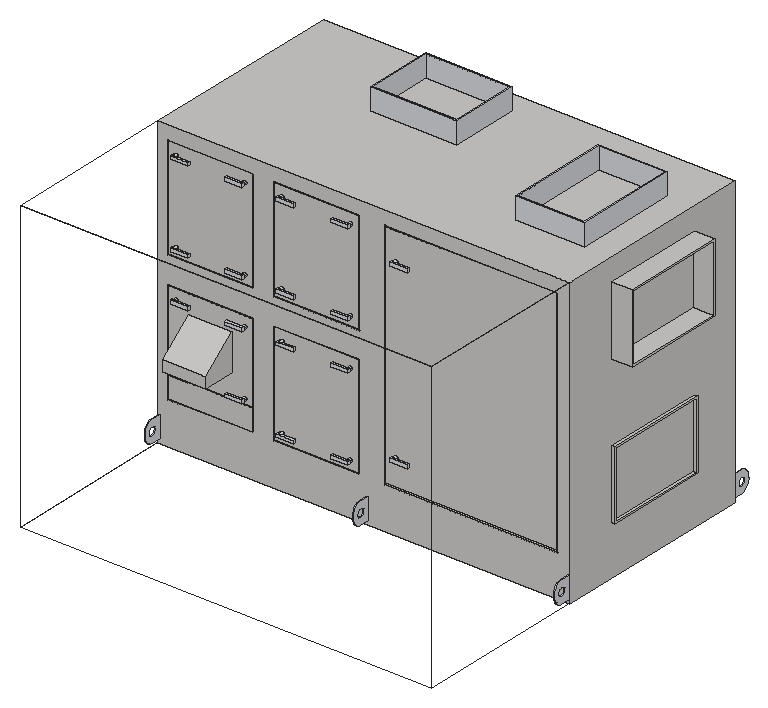
Revit family "DN-2IN-1FP-EH", category Mechanical Equipment, Revit 2016
Family settings
  Part Type = Normal
  Round Connector Dimension = Use Diameter
  OmniClass Number = 23.75.00.00
  OmniClass Title = Climate Control (HVAC)
  Work Plane-Based = No
  Always vertical = Yes
  Cut with Voids When Loaded = No
  Shared = No
  Room Calculation Point = No
Parameters (values of type "2 @ 1.35 kW ea.")
  Voltage [instance] = "200-277 V"
  Unit Weight Range (lbs) [instance] = "1600-1925 lbs."
  Max. Shipping Weight (lbs) [instance] = "1800-2125 lbs."
  Unit Dimensions(L x W x H) [instance] = "101-1/2\" x 60-3/4\" x 71-7/8\""
  Shipping Dimensions (L x W x H) [instance] = "120\" x 90\" x 77\""
  Unit [instance] = Renewaire - Galvanized Steel
  URL = "www.renewaire.com"
  Typical Airflow Range = "375-1,650 CFM"
  Standard Features [instance] = "EC Motors for both airstreams, Direct drive backward inclined plenum, Higher ESP of up to 2\" w.g. at 1,500 CFM, Integrated programmable controls, True 100% face and bypass enthalpy based modulating economizer, Class 1 low leakage motorized isolation dampers, Stainless steel double-sloped drain pan with cooling option, 1\" Double wall foam injected 20 gauge galvanized panel construction with R6.5 insulation"
  Service Area Visibility [instance] = yes
  Service Area Box [instance] = Renewaire - Interference
  Revit Object Download Link [instance] = ""
  Phase [instance] = "Single"
  Options [instance] = "Heat pump, Modulating hot gas reheat, Steam or hot water coil, gas heat module or electric heater, Onboard variable frequency drives (VFDs) - both airstreams, Fused disconnect, Spring isolators (VFDs only), 2\" Double wall foam injected 20 gauge galvanized panel construction with R13 insulation, Exterior paint - grey, white, custom color, BACNET factory activation, GFCI convenience outlet, Recirculation damper, Drain overflow switch, Electrofin coating for coils"
  Number Motors [instance] = "Qty. 2, Direct drive motorized impeller packages"
  Model = "DN-2IN-1FP-EH"
  Minimum Circuit Amps [instance] = "15.1 A"
  Maximum Overcurrent Protection [instance] = "20 A"
  Manufacturer = "Renewaire LLC"
  Inlets/Outlets [instance] = "OA & RA Inlets: 24\" x 16\", SA Outlet: 24\" x 16\", EA Outlet: 20\" x 16\""
  Frequency [instance] = "50/60 Hz"
  Filters [instance] = "Total qty. 4, MERV 8: 16\" x 20\" x 2\""
  FLA per Motor [instance] = "6.7-4.8"
  Energy Recovery Type [instance] = "Static plate total energy transfer"
  Description = "Energy Recovery Ventilator"
  Accessories [instance] = "Filters - MERV 13, 2\"  and 4\" (shipped loose), MERV 14, 2\" and 4\" (shipped loose), Additional filters available upon request, Duct mounted electric pre-heater (separately powered), Carbon dioxide sensor/control - wall mount (CO2-W), duct mount (CO2-D), IAQ sensor - wall mount (IAQ-W), duct mount (IAQ-D), Motion occupancy sensor/control - ceiling mount (MC-C), wall mount (MC-W), Smoke detector, Room temperature and humidity sensor, Duct static pressure sensor with display to 10\", without display 0-2\", Room pressure sensor with display to 1\", without display 0-1\", Waterless trap negative pressure, waterless trap positive pressure, Remote display"
  AHRI 1060 Certified Core [instance] = "One L-62-G5 and one L-125-G5"
Types (7): name | Voltage | Phase | Minimum Circuit Amps | Maximum Overcurrent Protection | FLA per Motor
  (no name) | "200-277 V" | "Single" | "15.1 A" | "20 A" | "6.7-4.8"
  2 @ 1.35 kW ea. | "200-277 V" | "Single" | "15.1 A" | "20 A" | "6.7-4.8"
  2 @ 2.70 kW ea. | "200-240 V" | "Three" | "19.4 A" | "25 A" | "8.6-7.2"
  2 @ 3.70 kW ea. | "380-480 V" | "Three" | "13.5 A" | "15 A" | "6.0-4.6"
  2 @ 3HP ea. 208-230V | "208-230 V" | "Three" | "20.3 A" | "25 A" | "9-8.4/4.2"
  2 @ 3HP ea. 460V | "460V" | "Three" | "9.5 A" | "15 A" | "4.2"
  2 @ 3HP ea. 575V | "575V" | "Three" | "7.4 A" | "15 A" | "3.3"
Reference planes (in)
  plane 1 "Center (Front/Back)": y = 0
  plane 2: z = 0
  plane 3 "Center (Left/Right)": x = 0
  plane 4: y = -24
  plane 5: x = -35.375
  plane 6: x = -35.375
Forms (in)
  Extrusion 1, solid, material "Renewaire - Galvanized Steel" <- "Unit"
    sketch origin (0, 0, 0) x (1, 0, 0) y (0, 1, 0)
      loop
        line (-35.375, 23.99995) -> (-35.375, -24) -> (60, -24) -> (60, 23.99995) -> (-35.375, 23.99995)
    from 0 to 66.875
  Extrusion 2, void
    sketch origin (0, 0, 0) x (1, 0, 0) y (0, 0, 1)
      loop
        line (-33.22023, 63.824) -> (-33.22023, 39.82399) -> (-13.22023, 39.82399) -> (-13.22023, 63.824) -> (-33.22023, 63.824)
      loop
        line (-8.69064, 63.824) -> (-8.69064, 39.82399) -> (11.30935, 39.82399) -> (11.30935, 63.824) -> (-8.69064, 63.824)
      loop
        line (-33.22023, 33.824) -> (-33.22023, 9.824) -> (-13.22023, 9.824) -> (-13.22023, 33.824) -> (-33.22023, 33.824)
      loop
        line (-8.69064, 33.824) -> (-8.69064, 9.824) -> (11.30935, 9.824) -> (11.30935, 33.824) -> (-8.69064, 33.824)
      loop
        line (17.22532, 63.824) -> (17.22532, 9.824) -> (57.22532, 9.824) -> (57.22532, 63.824) -> (17.22532, 63.824)
    from 23 to 25
  Extrusion 3, void
    sketch origin (-2.21887, 0, 0) x (1, 0, 0) y (0, 1, 0)
      loop
        line (-31.15613, 21.99995) -> (-31.15613, -22) -> (57.89381, -22) -> (57.89381, 21.99995) -> (-31.15613, 21.99995)
    from 0 to 6
  Extrusion 4, solid, material "Renewaire - Galvanized Steel" <- "Unit"
    sketch origin (0, 0, 0) x (0, 1, 0) y (0, 0, 1)
      loop
        line (-12.00006, 61.824) -> (-12.00006, 45.824) -> (11.99994, 45.824) -> (11.99994, 61.824) -> (-12.00006, 61.824)
      loop
        line (-11.75006, 61.574) -> (-11.75006, 46.074) -> (11.74994, 46.074) -> (11.74994, 61.574) -> (-11.75006, 61.574)
    from 60 to 65
  Extrusion 5, void
    sketch origin (29.93058, 0, 0) x (1, 0, 0) y (0, 1, 0)
      loop
        line (-59.24308, 17.99994) -> (-59.24308, -6.00006) -> (-43.24308, -6.00006) -> (-43.24308, 17.99994) -> (-59.24308, 17.99994)
      loop
        line (7.96323, 11.99993) -> (7.96323, -12.00007) -> (23.96322, -12.00007) -> (23.96322, 11.99993) -> (7.96323, 11.99993)
    from 5 to 6.125
  Extrusion 6, solid, material "Renewaire - Galvanized Steel" <- "Unit"
    sketch origin (0, 0, 0) x (0, 1, 0) y (0, 0, 1)
      loop
        line (-8.80644, 26.3132) -> (-11.13705, 26.3132) -> (-11.13705, 23.4382) -> (-8.80644, 23.4382) -> (-8.80644, 26.3132)
      loop
        line (-9.05644, 26.0632) -> (-10.88705, 26.0632) -> (-10.88705, 23.6882) -> (-9.05644, 23.6882) -> (-9.05644, 26.0632)
    from -35.375 to -36.375
  Extrusion 7, solid, material "Renewaire - Galvanized Steel" <- "Unit"
    sketch origin (0, 0, 0) x (1, 0, 0) y (0, 0, 1)
      loop
        line (11.30935, 61.82401) -> (-8.69064, 61.82401) -> (-8.69064, 45.82401) -> (11.30935, 45.82401) -> (11.30935, 61.82401)
      loop
        line (11.05935, 61.57401) -> (-8.44064, 61.57401) -> (-8.44064, 46.07401) -> (11.05935, 46.07401) -> (11.05935, 61.57401)
    from -24 to -29
  Extrusion 8, solid, material "Renewaire - Galvanized Steel" <- "Unit"
    sketch origin (0, 0, 0) x (0, 1, 0) y (0, 0, 1)
      loop
        line (18.60019, 30.89209) -> (-5.39982, 30.89209) -> (-5.39982, 14.89209) -> (18.60019, 14.89209) -> (18.60019, 30.89209)
      loop
        line (18.35019, 30.64209) -> (-5.14982, 30.64209) -> (-5.14982, 15.14209) -> (18.35019, 15.14209) -> (18.35019, 30.64209)
    from -35.375 to -36.375
  Extrusion 9, solid, material "Renewaire - Galvanized Steel" <- "Unit"
    sketch origin (0, 0, 0) x (0, 1, 0) y (0, 0, 1)
      loop
        line (-12.00006, 27.784) -> (-12.00006, 11.78399) -> (11.99994, 11.78399) -> (11.99994, 27.784) -> (-12.00006, 27.784)
      loop
        line (-11.75006, 27.534) -> (-11.75006, 12.03399) -> (11.74994, 12.03399) -> (11.74994, 27.534) -> (-11.75006, 27.534)
    from 60 to 61
  Extrusion 10, solid, material "Renewaire - Galvanized Steel" <- "Unit"
    sketch origin (0, 0, 0) x (1, 0, 0) y (0, 0, 1)
      loop
        line (17.47532, 63.574) -> (17.47532, 10.324) -> (56.97532, 10.324) -> (56.97532, 63.574) -> (17.47532, 63.574)
      loop
        line (-32.97023, 63.574) -> (-32.97023, 40.07399) -> (-13.47023, 40.07399) -> (-13.47023, 63.574) -> (-32.97023, 63.574)
      loop
        line (-8.44064, 63.574) -> (-8.44064, 40.07399) -> (11.05935, 40.07399) -> (11.05935, 63.574) -> (-8.44064, 63.574)
      loop
        line (-8.44064, 33.574) -> (-8.44064, 10.074) -> (11.05935, 10.074) -> (11.05935, 33.574) -> (-8.44064, 33.574)
      loop
        line (-32.97023, 33.574) -> (-32.97023, 15.324) -> (-13.47023, 15.324) -> (-13.47023, 33.574) -> (-32.97023, 33.574)
      loop
        line (-32.97023, 10.074) -> (-13.47023, 10.074) -> (-13.47023, 15.074) -> (-32.97023, 15.074) -> (-32.97023, 10.074)
    from 23 to 24
  Extrusion 11, solid, material "Renewaire - Interference" <- "Service Area Box", visible <- "Service Area Visibility"
    sketch origin (0, 0, 0) x (1, 0, 0) y (0, 1, 0)
      loop
        line (-35.375, -24) -> (-35.375, -64) -> (60, -64) -> (60, -24) -> (-35.375, -24)
    from 66.875 to 0
  Extrusion 12, solid
    sketch origin (0, 0, 0) x (1, 0, 0) y (0, 1, 0)
      loop
        line (-7.70596, 18.99991) -> (-7.70596, 2.9999) -> (12.29402, 2.9999) -> (12.29402, 18.99991) -> (-7.70596, 18.99991)
      loop
        line (12.04402, 18.74991) -> (-7.45596, 18.74991) -> (-7.45596, 3.2499) -> (12.04402, 3.2499) -> (12.04402, 18.74991)
      loop
        line (37.89381, 11.99993) -> (37.89381, -12.00007) -> (53.89381, -12.00007) -> (53.89381, 11.99993) -> (37.89381, 11.99993)
      loop
        line (38.14381, 11.74993) -> (38.14381, -11.75007) -> (53.64381, -11.75007) -> (53.64381, 11.74993) -> (38.14381, 11.74993)
    from 71.875 to 66.875
  Extrusion 13, solid, material "Renewaire - Galvanized Steel" <- "Unit"
    sketch origin (23.98695, 0, -2) x (0, 1, 0) y (0, 0, 1)
      loop
        line (-24, 31.20717) -> (-31.6831, 25.20447) -> (-31.6831, 22.70447) -> (-24, 22.70447) -> (-24, 31.20717)
    from -42.22506 to -52.18929
Cuts and joins
  Extrusion 2, Extrusion 3, Extrusion 5 cuts Extrusion 1
Dimensions and locks (in)
  aligned and locked: level to plane 2
  aligned and locked: nested 1 to cut or joined group of Extrusion 1, Extrusion 2, Extrusion 3, Extrusion 5
Nested families (in)
  nested 1: "Lifting Lug" at (-35.125, -24, 0.74999) x (0, -1, 0) z (0, 0, 1), Material <- "Unit", type "Lifting Lug"
    with Material Renewaire - Galvanized Steel
  nested 2: "Lifting Lug" at (13.25, -24, 0.74999) x (0, -1, 0) z (0, 0, 1), Material <- "Unit", type "Lifting Lug"
    with Material Renewaire - Galvanized Steel
  nested 3: "Lifting Lug" at (59.88692, -24, 0.74999) x (0, -1, 0) z (0, 0, 1), Material <- "Unit", type "Lifting Lug"
    with Material Renewaire - Galvanized Steel
  nested 4: "Handle" at (-15.28433, -24, 61.25), type "Handle"
    with Right Handle no, Left Handle yes, Flip yes
  nested 5: "Handle" at (-15.28433, -24, 42.11337), type "Handle"
    with Right Handle no, Left Handle yes, Flip yes
  nested 6: "Handle" at (-31.15613, -24, 61.25) x (-1, 0, 0) z (0, 0, 1), type "Handle"
    with Right Handle no, Left Handle yes, Flip yes
  nested 7: "Handle" at (-31.15613, -24, 42.11337) x (-1, 0, 0) z (0, 0, 1), type "Handle"
    with Right Handle no, Left Handle yes, Flip yes
  nested 8: "Handle" at (9.24525, -24, 61.25), type "Handle"
    with Right Handle no, Left Handle yes, Flip yes
  nested 9: "Handle" at (9.24525, -24, 42.11337), type "Handle"
    with Right Handle no, Left Handle yes, Flip yes
  nested 10: "Handle" at (-6.62654, -24, 61.25) x (-1, 0, 0) z (0, 0, 1), type "Handle"
    with Right Handle no, Left Handle yes, Flip yes
  nested 11: "Handle" at (-6.62654, -24, 42.11337) x (-1, 0, 0) z (0, 0, 1), type "Handle"
    with Right Handle no, Left Handle yes, Flip yes
  nested 12: "Handle" at (9.24525, -24, 31.25), type "Handle"
    with Right Handle no, Left Handle yes, Flip yes
  nested 13: "Handle" at (9.24525, -24, 12.11338), type "Handle"
    with Right Handle no, Left Handle yes, Flip yes
  nested 14: "Handle" at (-6.62654, -24, 31.25) x (-1, 0, 0) z (0, 0, 1), type "Handle"
    with Right Handle no, Left Handle yes, Flip yes
  nested 15: "Handle" at (-6.62654, -24, 12.11338) x (-1, 0, 0) z (0, 0, 1), type "Handle"
    with Right Handle no, Left Handle yes, Flip yes
  nested 16: "Lifting Lug" at (-35.125, 24, 0.74999) x (0, 1, 0) z (0, 0, 1), Material <- "Unit", type "Lifting Lug"
    with Material Renewaire - Galvanized Steel
  nested 17: "Lifting Lug" at (13.25, 24, 0.74999) x (0, 1, 0) z (0, 0, 1), Material <- "Unit", type "Lifting Lug"
    with Material Renewaire - Galvanized Steel
  nested 18: "Lifting Lug" at (59.88692, 24, 0.74999) x (0, 1, 0) z (0, 0, 1), Material <- "Unit", type "Lifting Lug"
    with Material Renewaire - Galvanized Steel
  nested 19: "Handle" at (19.76858, -24, 57.0118) x (-1, 0, 0) z (0, 0, 1), type "Handle"
    with Right Handle no, Left Handle yes, Flip yes
  nested 20: "Handle" at (19.76858, -24, 16.2618) x (-1, 0, 0) z (0, 0, 1), type "Handle"
    with Right Handle no, Left Handle yes, Flip yes
  nested 21: "Handle" at (-15.28433, -24, 31.25), type "Handle"
    with Right Handle no, Left Handle yes, Flip yes
  nested 22: "Handle" at (-15.28433, -24, 16.2618), type "Handle"
    with Right Handle no, Left Handle yes, Flip yes
  nested 23: "Handle" at (-31.15613, -24, 31.25) x (-1, 0, 0) z (0, 0, 1), type "Handle"
    with Right Handle no, Left Handle yes, Flip yes
  nested 24: "Handle" at (-31.15613, -24, 16.2618) x (-1, 0, 0) z (0, 0, 1), type "Handle"
    with Right Handle no, Left Handle yes, Flip yes
Connectors (in)
  hvac at (65, -0.00006, 53.824)
    settings: on Extrusion 4, index 1, duct flow 0 CFM, flow factor 0, pres drop 0.00 in-wg, loss coef 0, conn angle 0.00°, conn width 24", conn height 16", conn diameter 24", duct sys type 4, conn prof type 1, flow config 0, flow direction 1, loss method 0, conn ref index -1, conn util no, is conn primary yes, conn desc "Outside Air (OA)"
  hvac at (61, -0.00006, 19.784)
    settings: on Extrusion 9, index 2, duct flow 0 CFM, flow factor 0, pres drop 0.00 in-wg, loss coef 0, conn angle 0.00°, conn width 24", conn height 16", conn diameter 24", duct sys type 2, conn prof type 1, flow config 0, flow direction 1, loss method 0, conn ref index -1, conn util no, is conn primary no, conn desc "Return Air (RA)"
  hvac at (1.30935, 29, 53.82401)
    settings: on Extrusion 7, index 5, duct flow 0 CFM, flow factor 0, pres drop 0.00 in-wg, loss coef 0, conn angle 0.00°, conn width 20", conn height 16", conn diameter 24", duct sys type 3, conn prof type 1, flow config 0, flow direction 2, loss method 0, conn ref index -1, conn util no, is conn primary no, conn desc "Exhaust Air (EA)"
  hvac at (-36.375, 6.60018, 22.89209)
    settings: on Extrusion 8, index 6, duct flow 0 CFM, flow factor 0, pres drop 0.00 in-wg, loss coef 0, conn angle 0.00°, conn width 24", conn height 16", conn diameter 24", duct sys type 1, conn prof type 1, flow config 0, flow direction 2, loss method 0, conn ref index -1, conn util no, is conn primary no, conn desc "Supply Air (SA)"
  hvac at (-21.3125, 5.99994, 6.125)
    settings: on cut or joined group of Extrusion 1, Extrusion 2, Extrusion 3, Extrusion 5, index 7, duct flow 0 CFM, flow factor 0, pres drop 0.00 in-wg, loss coef 0, conn angle 0.00°, conn width 24", conn height 16", conn diameter 24", duct sys type 1, conn prof type 1, flow config 0, flow direction 2, loss method 0, conn ref index -1, conn util no, is conn primary no, conn desc "Supply Air (SA)"
  hvac at (45.89381, -0.00007, 6)
    settings: on cut or joined group of Extrusion 1, Extrusion 2, Extrusion 3, Extrusion 5, index 8, duct flow 0 CFM, flow factor 0, pres drop 0.00 in-wg, loss coef 0, conn angle 0.00°, conn width 24", conn height 16", conn diameter 24", duct sys type 2, conn prof type 1, flow config 0, flow direction 1, loss method 0, conn ref index -1, conn util no, is conn primary no, conn desc "Return Air (RA)"
  hvac at (2.29403, 10.99991, 71.875)
    settings: on Extrusion 12, index 9, duct flow 0 CFM, flow factor 0, pres drop 0.00 in-wg, loss coef 0, conn angle 0.00°, conn width 20", conn height 16", conn diameter 24", duct sys type 3, conn prof type 1, flow config 0, flow direction 2, loss method 0, conn ref index -1, conn util no, is conn primary no, conn desc "Exhaust Air (EA)"
  hvac at (45.89381, -0.00007, 71.875)
    settings: on Extrusion 12, index 10, duct flow 0 CFM, flow factor 0, pres drop 0.00 in-wg, loss coef 0, conn angle 0.00°, conn width 16", conn height 24", conn diameter 24", duct sys type 4, conn prof type 1, flow config 0, flow direction 1, loss method 0, conn ref index -1, conn util no, is conn primary no, conn desc "Outside Air (OA)"
Definition of nested family "Lifting Lug"
  Parameters (values of type "Lifting Lug")
    Material [instance] = none
  Reference planes (in)
    plane 1 "Center (Front/Back)": y = 0
    plane 2: z = 0
    plane 3 "Center (Left/Right)": x = 0
  Forms (in)
    Extrusion 1, solid
      sketch origin (0, 0, 0) x (1, 0, 0) y (0, 0, 1)
        loop
          line (0, 0.1875) -> (2, 0.1875)
          arc (2, 0.1875) -> (3.41421, 0.77329) -> (4, 2.1875) r 2
          line (4, 2.1875) -> (4, 3.1875)
          arc (4, 3.1875) -> (3.41421, 4.60171) -> (2, 5.1875) r 2
          line (2, 5.1875) -> (0, 5.1875) -> (0, 0.1875)
        loop
          circle (2.125, 2.6875) r 1
      from 0 to 0.25
  Dimensions and locks (in)
    aligned and locked: plane 2 to level
Definition of nested family "Handle"
  Parameters (values of type "Handle")
    Right Handle [instance] = not(Flip)  # no
    Material = none
    Left Handle [instance] = Flip  # yes
    Flip [instance] = yes
  Reference planes (in)
    plane 1 "Center (Front/Back)": y = 0
    plane 2: z = 0
    plane 3 "Center (Left/Right)": x = 0
  Forms (in)
    Extrusion 1, solid, material <- "Material"
      sketch origin (0, 0, 0) x (1, 0, 0) y (0, 0, 1)
        loop
          circle (0, 0) r 0.375
      from 0 to 0.75
    Extrusion 2, solid, material <- "Material", visible <- "Right Handle"
      sketch origin (0, 0, 0) x (1, 0, 0) y (0, 1, 0)
        loop
          line (-0.375, -0.75) -> (-0.375, -1.25) -> (3.625, -1.25) -> (3.625, -0.75) -> (-0.375, -0.75)
      from -0.375 to 0.375
    Extrusion 3, solid, material <- "Material", visible <- "Left Handle"
      sketch origin (-3.25, 0, 0) x (1, 0, 0) y (0, 1, 0)
        loop
          line (-0.375, -0.75) -> (-0.375, -1.25) -> (3.625, -1.25) -> (3.625, -0.75) -> (-0.375, -0.75)
      from -0.375 to 0.375
  Dimensions and locks (in)
    aligned and locked: plane 2 to level
